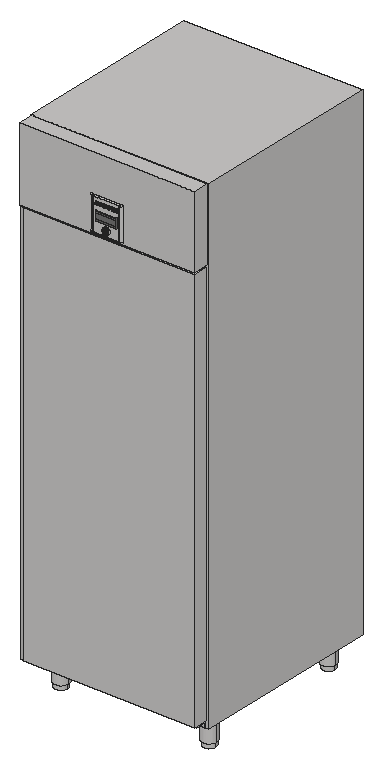
Revit family "QF_ALPENINOX_729638_ARX71FRR", category Specialty Equipment, Revit 2018
Family settings
  Round Connector Dimension = Use Diameter
  Part Type = Normal
  Work Plane-Based = No
  Always vertical = Yes
  Cut with Voids When Loaded = No
  Shared = No
  Room Calculation Point = No
Parameters (values of type "Standard")
  Weight = 100.00 kg
  Watts = 11.6129 W
  Volts = 220 V
  URL Manufacturer = "http://www.alpeninox.com"
  URL = "http://www.alpeninox.com"
  Steam Supply Size = 0 mm
  Steam Supply Minimum Pressure = 0.0 Pa
  Steam Supply Maximum Pressure = 0.0 Pa
  Steam Pounds per Hour = 0
  Refrigeration Suction Line Size = 0.031 mm
  Refrigeration Liquid Line Size = 0.02 mm
  Refrigerant Compressor Remote = yes
  Manufacturer = "Alpeninox"
  Phase = 1
  Model = "ARX71FRR"
  Length Actual = 710 mm  # constant formula
  Item Number = "729638"
  Hot Water Size = 0 mm
  Height Actual = 2050 mm  # constant formula
  HP = "0.2 HP"
  Gas Size = 0 mm
  Gas KW = 0
  Gas Input Pressure = 0 W
  Description = "1-DOOR REFRIGERATOR 670L -2+10°C, DIGITAL, A304 - REMOTE"
  Depth Actual = 835 mm  # constant formula
  Cycle = 50 Hz
  Condensate Return Size = 0 mm
  Compressed Air Volume = 0.0 L/s
  Compressed Air Size = 0 mm
  Compressed Air Pressure = 0.0 Pa
  Cold Water Size = 0 mm
  Accessory = yes
Reference planes
  plane 1 "Center (Front/Back)": y = 0
  plane 2: z = 0
  plane 3 "Center (Left/Right)": x = 0
  plane 4 "BASE": z = 110
  plane 5 "TOP": z = 2050
  plane 6 "FRONT": y = -417.5
  plane 7 "BACK": y = 417.5
  plane 8 "LEFT": x = -355
  plane 9 "RIGHT": x = 355
Forms (mm)
  Extrusion 1, solid, material "QF_Finishes_Stainless Steel"
    sketch origin (0, 0, 0) x (1, 0, 0) y (0, 1, 0)
      loop
        circle (-278, 344.5) r 25
      loop
        circle (278, 344.5) r 25
      loop
        circle (-295, -269.5) r 25
      loop
        circle (295, -269.5) r 25
    from 0 to 20
  Extrusion 2, solid, material "QF_Finishes_Stainless Steel"
    sketch origin (0, 0, 0) x (1, 0, 0) y (0, 1, 0)
      loop
        circle (-278, 344.5) r 30
      loop
        circle (278, 344.5) r 30
      loop
        circle (295, -269.5) r 30
      loop
        circle (-295, -269.5) r 30
    from 20 to 110
  Extrusion 3, solid, material "QF_Finishes_Stainless Steel"
    sketch origin (0, 0, 110) x (-1, 0, 0) y (0, -1, 0)
      loop
        line (355, -417.5) -> (355, 345.5) -> (-355, 345.5) -> (-355, -417.5) -> (355, -417.5)
    from 0 to 1940
  Extrusion 4, solid
    sketch origin (0, 417.5, 1660) x (-1, 0, 0) y (0, 0, 1)
      loop
        circle (339, 124) r 10
    from 0 to 3.2
  Extrusion 5, solid, material "QF_Door-Drawer Clearances", detail levels coarse
    sketch origin (0, 0, 110) x (-1, 0, 0) y (0, -1, 0)
      loop
        line (-347, 409.5) -> (-283, 409.5) -> (-283, 1006.5) -> (-301, 1006.5) -> (-301, 1024.5) -> (-323, 1024.5) -> (-323, 1062.5) -> (-347, 1062.5) -> (-347, 409.5)
    from 1642.965 to 28
  Extrusion 6, solid, material "QF_Door-Drawer Clearances", detail levels coarse
    sketch origin (0, 0, 110) x (-1, 0, 0) y (0, -1, 0)
      loop
        line (-283, 409.5) -> (347, 409.5)
        arc (347, 409.5) -> (150.684, 878.295) -> (-323, 1062.5) r 650
        line (-323, 1062.5) -> (-323, 1024.5) -> (-301, 1024.5) -> (-301, 1006.5) -> (-283, 1006.5) -> (-283, 409.5)
    from 1642.965 to 28
  Extrusion 7, solid, material "QF_Clearances", detail levels coarse
    sketch origin (0, 0, 110) x (-1, 0, 0) y (0, -1, 0)
      loop
        line (355, 417.5) -> (355, -417.5) -> (-355, -417.5) -> (-355, 417.5) -> (-375, 417.5) -> (-375, -447.5) -> (375, -447.5) -> (375, 417.5) -> (355, 417.5)
    from -110 to 1940
  Extrusion 8, solid, material "QF_Clearances", detail levels coarse
    sketch origin (0, 0, 2050) x (-1, 0, 0) y (0, -1, 0)
      loop
        line (375, -447.5) -> (375, 417.5) -> (-375, 417.5) -> (-375, -447.5) -> (375, -447.5)
    from 0 to 500
  Extrusion 9, void
    sketch origin (0, 417.5, 0) x (-1, 0, 0) y (0, 0, 1)
      loop
        line (289.366, 1724.965) -> (-280, 1724.965) -> (-280, 180) -> (0, 170) -> (289.366, 180) -> (289.366, 1724.965)
    from -56 to -763
  Extrusion 10, solid, material "QF_Finishes_Stainless Steel"
    sketch origin (0, 0, 110) x (-1, 0, 0) y (0, -1, 0)
      loop
        circle (0, 254.5) r 7.938
    from 0 to -10
  Extrusion 11, solid, material "QF_Finishes_Stainless Steel"
    sketch origin (0, 0, 2050) x (-1, 0, 0) y (0, -1, 0)
      loop
        circle (245, 89.5) r 4.75
    from -33.544 to -89.131
  Extrusion 12, solid, material "QF_Finishes_Stainless Steel"
    sketch origin (539, -376, 0) x (0, -1, 0) y (0, 0, 1)
      loop
        circle (-187.5, 1960.869) r 3
    from 745 to 686.028
Cuts and joins
  joined: Extrusion 7, Extrusion 8
  Extrusion 9 cuts Extrusion 3
Lines and regions (mm)
  symbolic lines, style "SpecialityEquipmentHiddenLines"
    curve 1: line (347, -409.5, 110) -> (347, -1062.5, 110)
    curve 2: line (347, -1062.5, 110) -> (323, -1062.5, 110)
    curve 3: line (283, -409.5, 110) -> (283, -1006.5, 110)
    curve 4: line (323, -1062.5, 110) -> (323, -1024.5, 110)
    curve 5: line (323, -1024.5, 110) -> (301, -1024.5, 110)
    curve 6: line (301, -1024.5, 110) -> (301, -1006.5, 110)
    curve 7: line (301, -1006.5, 110) -> (283, -1006.5, 110)
    curve 8: arc (-347, -409.5, 110) -> (-150.684, -878.295, 110) -> (323, -1062.5, 110) r 650
  symbolic lines, style "QF_Clearances", detail levels coarse
    curve 9: line (-206, -417.5, 2050) -> (-375, -417.5, 2050)
    curve 10: line (-375, -417.5, 2050) -> (-375, 447.5, 2050)
    curve 11: line (-375, 447.5, 2050) -> (375, 447.5, 2050)
    curve 12: line (375, 447.5, 2050) -> (375, -417.5, 2050)
    curve 13: line (375, -417.5, 2050) -> (355, -417.5, 2050)
Dimensions and locks
  equal spacing: plane 7 "BACK", plane 1 "Center (Front/Back)", plane 6 "FRONT"
  equal spacing: plane 8 "LEFT", plane 3 "Center (Left/Right)", plane 9 "RIGHT"
  plane 8 "LEFT" to plane 9 "RIGHT" = 710 mm
  plane 7 "BACK" to plane 6 "FRONT" = 835 mm
  plane 5 "TOP" to plane 2 = 2050 mm
  aligned and locked: level to plane 2
Automatic sketch dimensions
  Extrusion 3 sketch curve to plane 7 "BACK" = 0 mm
  Extrusion 3 sketch curve to plane 9 "RIGHT" = 0 mm
  Extrusion 3 sketch curve to plane 8 "LEFT" = 0 mm
  plane 8 "LEFT" to Extrusion 4 sketch curve = 16 mm
  plane 4 "BASE" to Extrusion 4 sketch curve = 1674 mm
  plane 9 "RIGHT" to curve 1 = 8 mm
  curve 1 to curve 2 = 24 mm
  plane 6 "FRONT" to curve 8 = 4.692 mm
  curve 7 to plane 6 "FRONT" = 589 mm
  curve 6 to curve 5 = 18 mm
  curve 4 to curve 2 = 38 mm
  plane 6 "FRONT" to curve 8 = 8 mm
  plane 6 "FRONT" to curve 1 = 8 mm
  plane 6 "FRONT" to curve 3 = 8 mm
  plane 9 "RIGHT" to Extrusion 5 sketch curve = 8 mm
  Extrusion 5 sketch curve to plane 6 "FRONT" = 589 mm
  Extrusion 5 sketch curve to Extrusion 5 sketch curve = 18 mm
  Extrusion 5 sketch curve to Extrusion 5 sketch curve = 38 mm
  plane 6 "FRONT" to Extrusion 5 sketch curve = 8 mm
  plane 6 "FRONT" to Extrusion 6 sketch curve = 4.692 mm
  Extrusion 6 sketch curve to Extrusion 6 sketch curve = 18 mm  (x2)
  Extrusion 6 sketch curve to Extrusion 6 sketch curve = 38 mm
  plane 8 "LEFT" to Extrusion 6 sketch curve = 8 mm
  plane 6 "FRONT" to Extrusion 6 sketch curve = 8 mm
  Extrusion 7 sketch curve to plane 6 "FRONT" = 0 mm  (x2)
  Extrusion 7 sketch curve to plane 7 "BACK" = 0 mm
  Extrusion 7 sketch curve to plane 9 "RIGHT" = 0 mm
  Extrusion 7 sketch curve to plane 8 "LEFT" = 0 mm
  Extrusion 7 sketch curve to plane 9 "RIGHT" = 20 mm
  Extrusion 7 sketch curve to plane 8 "LEFT" = 20 mm
  plane 7 "BACK" to Extrusion 7 sketch curve = 30 mm
  Extrusion 8 sketch curve to plane 6 "FRONT" = 0 mm
  Extrusion 8 sketch curve to plane 9 "RIGHT" = 20 mm
  Extrusion 8 sketch curve to plane 8 "LEFT" = 20 mm
  plane 7 "BACK" to Extrusion 8 sketch curve = 30 mm
  plane 8 "LEFT" to Extrusion 1 sketch curve = 60 mm
  plane 8 "LEFT" to Extrusion 1 sketch curve = 77 mm
  plane 9 "RIGHT" to Extrusion 1 sketch curve = 77 mm
  plane 9 "RIGHT" to Extrusion 1 sketch curve = 60 mm
  plane 6 "FRONT" to Extrusion 1 sketch curve = 148 mm  (x2)
  Extrusion 1 sketch curve to plane 7 "BACK" = 73 mm  (x2)
  plane 8 "LEFT" to Extrusion 2 sketch curve = 60 mm
  plane 8 "LEFT" to Extrusion 2 sketch curve = 77 mm
  plane 9 "RIGHT" to Extrusion 2 sketch curve = 77 mm
  plane 9 "RIGHT" to Extrusion 2 sketch curve = 60 mm
  plane 6 "FRONT" to Extrusion 2 sketch curve = 148 mm  (x2)
  Extrusion 2 sketch curve to plane 7 "BACK" = 73 mm  (x2)
  plane 6 "FRONT" to Extrusion 3 sketch curve = 72 mm
  curve 1 to curve 8 = 44.008 mm
  curve 4 to curve 5 = 22 mm
  curve 6 to curve 3 = 18 mm
  plane 9 "RIGHT" to Extrusion 5 sketch curve = 32 mm
  Extrusion 5 sketch curve to Extrusion 5 sketch curve = 22 mm
  Extrusion 5 sketch curve to Extrusion 5 sketch curve = 64 mm
  plane 9 "RIGHT" to Extrusion 6 sketch curve = 72 mm
  Extrusion 6 sketch curve to Extrusion 6 sketch curve = 19.992 mm
  Extrusion 6 sketch curve to Extrusion 6 sketch curve = 22 mm
  Extrusion 9 sketch curve to plane 3 "Center (Left/Right)" = 0 mm
  plane 8 "LEFT" to Extrusion 9 sketch curve = 65.634 mm
  plane 4 "BASE" to Extrusion 9 sketch curve = 60 mm
  Extrusion 9 sketch curve to plane 5 "TOP" = 325.035 mm
  plane 9 "RIGHT" to Extrusion 9 sketch curve = 75 mm
  plane 4 "BASE" to Extrusion 9 sketch curve = 70 mm  (x2)
  Extrusion 10 sketch curve to plane 3 "Center (Left/Right)" = 0 mm
  plane 6 "FRONT" to Extrusion 10 sketch curve = 163 mm
  plane 8 "LEFT" to Extrusion 11 sketch curve = 110 mm
  plane 1 "Center (Front/Back)" to Extrusion 11 sketch curve = 89.5 mm
  Extrusion 12 sketch curve to plane 5 "TOP" = 89.131 mm
  plane 1 "Center (Front/Back)" to Extrusion 12 sketch curve = 188.5 mm
  curve 12 to plane 6 "FRONT" = 0 mm
  curve 13 to plane 9 "RIGHT" = 0 mm
  curve 9 to plane 6 "FRONT" = 0 mm
  plane 8 "LEFT" to curve 9 = 149 mm
  curve 12 to plane 9 "RIGHT" = 20 mm
  curve 9 to curve 10 = 169 mm
  plane 7 "BACK" to curve 10 = 30 mm
  radius of Extrusion 1 sketch curve = 25 mm  (x4)
  radius of Extrusion 2 sketch curve = 30 mm  (x4)
  radius of Extrusion 4 sketch curve = 10 mm
  radius of Extrusion 10 sketch curve = 7.938 mm
  radius of Extrusion 11 sketch curve = 4.75 mm
  radius of Extrusion 12 sketch curve = 3 mm
Nested families
  nested 1: "QF_729043_Door" at (0, -345.5, 968.365) x (1, 0, 0) z (0, -1, 0), type "QF_729043_Door"
    with Show Clearance yes
  nested 2: "Refrigerator" at (355, -417.5, 2050), type "Refrigerator"
Connectors
  electrical at (-339, 420.7, 1784), driven by "Volts"
    settings: on Extrusion 4, index 2, voltage 220 V, apparent load 0 VA, apparent load phase1 0 VA, apparent load phase2 0 VA, apparent load phase3 0 VA, power factor 1, load classification "Other", number of poles 1, system type 30, power factor state 1, is connector primary yes, connector utility no, sub classification motor no, connector description "Electrical Connection"
  piping at (0, -254.5, 100), diameter 15.875
    settings: on Extrusion 10, index 3, connector inside diameter 609.6 mm, connector length 0 mm, flow factor 0, pipe flow 0.0 L/s, pressure drop 0.0 Pa, fitting loss kfactor 0, connector angle 0.00°, fixture units 0, engagement length 0 mm, angle of deflection 0.00°, flow configuration 1, flow direction 2, fitting loss method 0, system type 16, joint type 0, gender type 0, connector reference index -1, connector utility 0, adjustable connector no, is connector primary yes, connector description "Drain"
  piping at (-245, -89.5, 2016.456), diameter 9.5
    settings: on Extrusion 11, index 4, connector inside diameter 609.6 mm, connector length 0 mm, flow factor 0, pipe flow 0.0 L/s, pressure drop 0.0 Pa, fitting loss kfactor 0, connector angle 0.00°, fixture units 0, engagement length 0 mm, angle of deflection 0.00°, flow configuration 1, flow direction 2, fitting loss method 0, system type 8, joint type 0, gender type 0, connector reference index -1, connector utility 0, adjustable connector no, is connector primary no, connector description "Refrigerant Outlet"
  piping at (-206, -188.5, 1960.869), diameter 6
    settings: on Extrusion 12, index 5, connector inside diameter 609.6 mm, connector length 0 mm, flow factor 0, pipe flow 0.0 L/s, pressure drop 0.0 Pa, fitting loss kfactor 0, connector angle 0.00°, fixture units 0, engagement length 0 mm, angle of deflection 0.00°, flow configuration 1, flow direction 1, fitting loss method 0, system type 7, joint type 0, gender type 0, connector reference index -1, connector utility 0, adjustable connector no, is connector primary no, connector description "Refrigerant Inlet"
Definition of nested family "QF_729043_Door"
  Parameters
    Show Clearance [instance] = yes
    Model = "729043"
    Default Elevation = 0 mm
  Reference planes
    plane 1 "Center (Front/Back)": y = 0
    plane 2: z = 0
    plane 3 "Center (Left/Right)": x = 0
  Forms (mm)
    Extrusion 1, solid
      sketch origin (0, -919.2, 0) x (1, 0, 0) y (0, 1, 0)
        loop
          line (-460, 2119.2) -> (-460, -162.846) -> (488.967, -162.846) -> (488.967, 2119.2) -> (-460, 2119.2)
      from 0 to -59.546
    Extrusion 2, solid
      sketch origin (0, 0, 0) x (1, 0, 0) y (0, 0, 1)
        loop
          line (-347, 64) -> (-347, 0) -> (347, 0) -> (347, 64) -> (-347, 64)
      from -1081.6 to -791.6
    Extrusion 3, solid
      sketch origin (0, 0, 0) x (1, 0, 0) y (0, 0, 1)
        loop
          line (-347, 60) -> (-347, 26) -> (-325, 26) -> (-325, 8) -> (-307, 8) -> (-307, 0) -> (339, 0) -> (339, 8) -> (347, 8) -> (347, 64) -> (-332, 64) -> (-347, 60)
      from -784.6 to 830.4
    Extrusion 4, solid
      sketch origin (119, -516.365, 0) x (0, 1, 0) y (0, 0, 1)
        loop
          line (-323.003, 40.312) -> (-316.501, 40.312) -> (-316.501, 42.812) -> (-325.503, 42.812) -> (-325.503, 2.5) -> (-342, 2.5) -> (-342, 0) -> (-323.003, 0) -> (-323.003, 12.259) -> (-323.003, 40.312)
        loop
          line (-314, 38.311) -> (-316.501, 38.311) -> (-316.501, 14.304) -> (-319.752, 14.304) -> (-319.752, 11.804) -> (-314, 11.804) -> (-314, 38.311)
      from 185 to 220
    Extrusion 5, solid
      sketch origin (119, 469.597, 0) x (0, 1, 0) y (0, 0, 1)
        loop
          line (315.003, 27.948) -> (315.003, 2.948) -> (315.003, 0) -> (322.003, 0) -> (322.003, 2.5) -> (317.503, 2.5) -> (317.503, 27.948) -> (315.003, 27.948)
      from 185 to 220
  Lines and regions (mm)
    symbolic lines
      curve 1: line (-347, 0, 64) -> (347, 0, 64)
      curve 2: line (-347, 0, 0) -> (-347, 0, 64)
      curve 3: line (347, 0, 0) -> (-347, 0, 0)
      curve 4: line (347, 0, 64) -> (347, 0, 0)
      curve 5: line (-347, 0, 26) -> (-325, 0, 26)
      curve 6: line (-325, 0, 26) -> (-325, 0, 8)
      curve 7: line (-325, 0, 8) -> (-307, 0, 8)
      curve 8: line (-307, 0, 8) -> (-307, 0, 0)
      curve 9: line (339, 0, 8) -> (347, 0, 8)
      curve 10: line (339, 0, 8) -> (339, 0, 0)
  Dimensions and locks
    aligned and locked: plane 2 to Extrusion 1
    aligned and locked: level to Extrusion 1
  Nested families
    nested 1: "QF_DisplayStandardCabinets" at (0, 863.6, 64), type "QF_DisplayStandardCabinets"
      with Show Clearance yes
  Definition of nested family "QF_DisplayStandardCabinets"
    Parameters
      Show Clearance [instance] = yes
      Model = ""
      Default Elevation = 0 mm
    Reference planes
      plane 1 "Center (Front/Back)": y = 0
      plane 2: z = 0
      plane 3 "Center (Left/Right)": x = 0
    Forms (mm)
      Extrusion 1, solid
        sketch origin (0, -919.2, 0) x (1, 0, 0) y (0, 1, 0)
          loop
            line (-198.75, 1146.2) -> (-198.75, 709.567) -> (165.741, 709.567) -> (165.741, 1146.2) -> (-198.75, 1146.2)
        from 0 to -59.546
      Extrusion 2, solid
        sketch origin (-59, -44.611, 0) x (0, 1, 0) y (-1, 0, 0)
          loop
            circle (0.611, -59) r 14
        from 5 to 7
      Extrusion 3, solid
        sketch origin (744.635, 320.889, 0) x (0, 1, 0) y (-1, 0, 0)
          loop
            circle (-364.889, 744.635) r 10
          loop
            circle (-364.889, 744.635) r 9
        from 5 to 8
      Extrusion 4, solid
        sketch origin (744.635, 320.889, 0) x (0, 1, 0) y (-1, 0, 0)
          loop
            circle (-364.889, 744.635) r 8.7
        from 5 to 8
      Extrusion 5, void
        sketch origin (744.635, 320.889, 0) x (0, 1, 0) y (-1, 0, 0)
          loop
            line (-372.339, 745.885) -> (-372.339, 743.385) -> (-362.339, 743.385) -> (-362.339, 745.885) -> (-372.339, 745.885)
        from 8.592 to 6.269
      Extrusion 6, solid
        sketch origin (365.5, -639.265, 0) x (1, 0, 0) y (0, 1, 0)
          loop
            line (-406.708, 687.579) -> (-410.067, 678.56)
            arc (-410.067, 678.56) -> (-409.36, 676.922) -> (-407.754, 677.698) r 1.236
            line (-407.754, 677.698) -> (-407.242, 679.273) -> (-402.595, 679.273) -> (-402.091, 677.715)
            arc (-402.091, 677.715) -> (-400.528, 676.963) -> (-399.851, 678.56) r 1.198
            line (-399.851, 678.56) -> (-403.129, 687.579)
            arc (-403.129, 687.579) -> (-404.919, 688.953) -> (-406.708, 687.579) r 1.853
          loop
            line (-404.916, 686.416) -> (-406.523, 681.56) -> (-403.345, 681.56) -> (-404.916, 686.416)
          loop
            arc (-398.643, 678.312) -> (-398.245, 677.351) -> (-397.284, 676.953) r 1.359
            line (-397.284, 676.953) -> (-393.161, 676.953)
            arc (-393.161, 676.953) -> (-392.018, 678.096) -> (-393.161, 679.239) r 1.143
            line (-393.161, 679.239) -> (-396.136, 679.239) -> (-396.136, 687.561)
            arc (-396.136, 687.561) -> (-397.39, 688.814) -> (-398.643, 687.561) r 1.253
            line (-398.643, 687.561) -> (-398.643, 678.312)
          loop
            line (-390.884, 687.462) -> (-390.884, 678.147)
            arc (-390.884, 678.147) -> (-389.631, 676.894) -> (-388.378, 678.147) r 1.253
            line (-388.378, 678.147) -> (-388.378, 680.865) -> (-386.522, 680.865)
            arc (-386.522, 680.865) -> (-383.621, 681.743) -> (-382.37, 684.503) r 3.67
            arc (-382.37, 684.503) -> (-383.616, 687.51) -> (-386.622, 688.755) r 4.252
            line (-386.622, 688.755) -> (-389.59, 688.755)
            arc (-389.59, 688.755) -> (-390.505, 688.376) -> (-390.884, 687.462) r 1.293
          loop
            line (-388.378, 683.051) -> (-386.668, 683.051)
            arc (-386.668, 683.051) -> (-384.911, 684.809) -> (-386.668, 686.566) r 1.757
            line (-386.668, 686.566) -> (-388.378, 686.566) -> (-388.378, 683.051)
          loop
            arc (-372.997, 683.967) -> (-373.735, 685.647) -> (-375.32, 686.572) r 2.967
            arc (-375.32, 686.572) -> (-377.645, 686.062) -> (-378.776, 683.967) r 2.856
            line (-378.776, 683.967) -> (-372.997, 683.967)
          loop
            line (-378.711, 681.639) -> (-372.422, 681.639)
            arc (-372.422, 681.639) -> (-371.296, 681.795) -> (-370.405, 682.5) r 2.158
            arc (-370.405, 682.5) -> (-370.274, 683.259) -> (-370.325, 684.028) r 3.268
            arc (-370.325, 684.028) -> (-372.26, 687.411) -> (-375.88, 688.856) r 5.916
            arc (-375.88, 688.856) -> (-379.952, 687.001) -> (-381.519, 682.809) r 5.846
            arc (-381.519, 682.809) -> (-380.273, 678.983) -> (-376.79, 676.969) r 5.622
            arc (-376.79, 676.969) -> (-374.56, 676.949) -> (-372.422, 677.583) r 7.518
            arc (-372.422, 677.583) -> (-371.453, 678.077) -> (-370.711, 678.873) r 3.135
            arc (-370.711, 678.873) -> (-370.511, 679.705) -> (-370.879, 680.478) r 1.282
            arc (-370.879, 680.478) -> (-371.364, 680.757) -> (-371.924, 680.758) r 1.082
            arc (-371.924, 680.758) -> (-372.298, 680.603) -> (-372.619, 680.356) r 1.55
            arc (-372.619, 680.356) -> (-373.431, 679.807) -> (-374.312, 679.379) r 6.834
            arc (-374.312, 679.379) -> (-377.036, 679.488) -> (-378.711, 681.639) r 3.237
          loop
            line (-368.938, 687.561) -> (-368.938, 678.147)
            arc (-368.938, 678.147) -> (-367.683, 676.892) -> (-366.428, 678.147) r 1.255
            line (-366.428, 678.147) -> (-366.428, 684.375) -> (-361.094, 677.401)
            arc (-361.094, 677.401) -> (-359.669, 676.934) -> (-358.786, 678.147) r 1.275
            line (-358.786, 678.147) -> (-358.786, 687.561)
            arc (-358.786, 687.561) -> (-360.041, 688.815) -> (-361.295, 687.561) r 1.254
            line (-361.295, 687.561) -> (-361.295, 681.251) -> (-366.628, 688.306)
            arc (-366.628, 688.306) -> (-368.054, 688.774) -> (-368.938, 687.561) r 1.275
          loop
            arc (-357.218, 678.147) -> (-355.965, 676.893) -> (-354.711, 678.147) r 1.254
            line (-354.711, 678.147) -> (-354.711, 687.561)
            arc (-354.711, 687.561) -> (-355.965, 688.815) -> (-357.218, 687.561) r 1.254
            line (-357.218, 687.561) -> (-357.218, 678.147)
          loop
            line (-353.142, 687.561) -> (-353.142, 678.147)
            arc (-353.142, 678.147) -> (-351.887, 676.892) -> (-350.632, 678.147) r 1.255
            line (-350.632, 678.147) -> (-350.632, 684.375) -> (-345.298, 677.401)
            arc (-345.298, 677.401) -> (-343.873, 676.934) -> (-342.99, 678.147) r 1.275
            line (-342.99, 678.147) -> (-342.99, 687.561)
            arc (-342.99, 687.561) -> (-344.245, 688.815) -> (-345.499, 687.561) r 1.254
            line (-345.499, 687.561) -> (-345.499, 681.251) -> (-350.832, 688.306)
            arc (-350.832, 688.306) -> (-352.258, 688.774) -> (-353.142, 687.561) r 1.275
          loop
            arc (-341.671, 682.854) -> (-341.019, 679.961) -> (-339.083, 677.715) r 6.12
            arc (-339.083, 677.715) -> (-337.577, 676.985) -> (-335.919, 676.754) r 5.355
            arc (-335.919, 676.754) -> (-334.262, 676.985) -> (-332.756, 677.715) r 5.355
            arc (-332.756, 677.715) -> (-330.82, 679.961) -> (-330.168, 682.854) r 6.12
            arc (-330.168, 682.854) -> (-330.82, 685.746) -> (-332.756, 687.992) r 6.12
            arc (-332.756, 687.992) -> (-334.262, 688.723) -> (-335.919, 688.953) r 5.355
            arc (-335.919, 688.953) -> (-337.577, 688.723) -> (-339.083, 687.992) r 5.355
            arc (-339.083, 687.992) -> (-341.019, 685.746) -> (-341.671, 682.854) r 6.12
          loop
            arc (-339.045, 682.854) -> (-338.787, 681.162) -> (-337.837, 679.739) r 3.945
            arc (-337.837, 679.739) -> (-336.943, 679.217) -> (-335.919, 679.066) r 2.729
            arc (-335.919, 679.066) -> (-334.895, 679.217) -> (-334.001, 679.739) r 2.729
            arc (-334.001, 679.739) -> (-333.051, 681.162) -> (-332.793, 682.854) r 3.945
            arc (-332.793, 682.854) -> (-333.051, 684.545) -> (-334.001, 685.969) r 3.945
            arc (-334.001, 685.969) -> (-334.895, 686.49) -> (-335.919, 686.641) r 2.729
            arc (-335.919, 686.641) -> (-336.943, 686.49) -> (-337.837, 685.969) r 2.729
            arc (-337.837, 685.969) -> (-338.787, 684.545) -> (-339.045, 682.854) r 3.945
          loop
            line (-329.53, 686.914) -> (-326.821, 683.266) -> (-330.133, 678.86)
            arc (-330.133, 678.86) -> (-329.866, 677.098) -> (-328.109, 677.401) r 1.248
            line (-328.109, 677.401) -> (-325.368, 681.18) -> (-322.626, 677.401)
            arc (-322.626, 677.401) -> (-320.87, 677.098) -> (-320.602, 678.86) r 1.248
            line (-320.602, 678.86) -> (-323.915, 683.266) -> (-321.205, 686.914)
            arc (-321.205, 686.914) -> (-321.536, 688.702) -> (-323.295, 688.241) r 1.241
            line (-323.295, 688.241) -> (-325.368, 685.324) -> (-327.441, 688.241)
            arc (-327.441, 688.241) -> (-329.199, 688.702) -> (-329.53, 686.914) r 1.241
        from 2.5 to 4.32
      Extrusion 7, void
        sketch origin (365.5, -639.265, 0) x (1, 0, 0) y (0, 1, 0)
          loop
            line (-406.708, 687.579) -> (-410.067, 678.56)
            arc (-410.067, 678.56) -> (-409.36, 676.922) -> (-407.754, 677.698) r 1.236
            line (-407.754, 677.698) -> (-407.242, 679.273) -> (-402.595, 679.273) -> (-402.091, 677.715)
            arc (-402.091, 677.715) -> (-400.528, 676.963) -> (-399.851, 678.56) r 1.198
            line (-399.851, 678.56) -> (-403.129, 687.579)
            arc (-403.129, 687.579) -> (-404.919, 688.953) -> (-406.708, 687.579) r 1.853
          loop
            line (-404.916, 686.416) -> (-406.523, 681.56) -> (-403.345, 681.56) -> (-404.916, 686.416)
          loop
            arc (-398.643, 678.312) -> (-398.245, 677.351) -> (-397.284, 676.953) r 1.359
            line (-397.284, 676.953) -> (-393.161, 676.953)
            arc (-393.161, 676.953) -> (-392.018, 678.096) -> (-393.161, 679.239) r 1.143
            line (-393.161, 679.239) -> (-396.136, 679.239) -> (-396.136, 687.561)
            arc (-396.136, 687.561) -> (-397.39, 688.814) -> (-398.643, 687.561) r 1.253
            line (-398.643, 687.561) -> (-398.643, 678.312)
          loop
            line (-390.884, 687.462) -> (-390.884, 678.147)
            arc (-390.884, 678.147) -> (-389.631, 676.894) -> (-388.378, 678.147) r 1.253
            line (-388.378, 678.147) -> (-388.378, 680.865) -> (-386.522, 680.865)
            arc (-386.522, 680.865) -> (-383.621, 681.743) -> (-382.37, 684.503) r 3.67
            arc (-382.37, 684.503) -> (-383.616, 687.51) -> (-386.622, 688.755) r 4.252
            line (-386.622, 688.755) -> (-389.59, 688.755)
            arc (-389.59, 688.755) -> (-390.505, 688.376) -> (-390.884, 687.462) r 1.293
          loop
            line (-388.378, 683.051) -> (-386.668, 683.051)
            arc (-386.668, 683.051) -> (-384.911, 684.809) -> (-386.668, 686.566) r 1.757
            line (-386.668, 686.566) -> (-388.378, 686.566) -> (-388.378, 683.051)
          loop
            arc (-372.997, 683.967) -> (-373.735, 685.647) -> (-375.32, 686.572) r 2.967
            arc (-375.32, 686.572) -> (-377.645, 686.062) -> (-378.776, 683.967) r 2.856
            line (-378.776, 683.967) -> (-372.997, 683.967)
          loop
            line (-378.711, 681.639) -> (-372.422, 681.639)
            arc (-372.422, 681.639) -> (-371.296, 681.795) -> (-370.405, 682.5) r 2.158
            arc (-370.405, 682.5) -> (-370.274, 683.259) -> (-370.325, 684.028) r 3.268
            arc (-370.325, 684.028) -> (-372.26, 687.411) -> (-375.88, 688.856) r 5.916
            arc (-375.88, 688.856) -> (-379.952, 687.001) -> (-381.519, 682.809) r 5.846
            arc (-381.519, 682.809) -> (-380.273, 678.983) -> (-376.79, 676.969) r 5.622
            arc (-376.79, 676.969) -> (-374.56, 676.949) -> (-372.422, 677.583) r 7.518
            arc (-372.422, 677.583) -> (-371.453, 678.077) -> (-370.711, 678.873) r 3.135
            arc (-370.711, 678.873) -> (-370.511, 679.705) -> (-370.879, 680.478) r 1.282
            arc (-370.879, 680.478) -> (-371.364, 680.757) -> (-371.924, 680.758) r 1.082
            arc (-371.924, 680.758) -> (-372.298, 680.603) -> (-372.619, 680.356) r 1.55
            arc (-372.619, 680.356) -> (-373.431, 679.807) -> (-374.312, 679.379) r 6.834
            arc (-374.312, 679.379) -> (-377.036, 679.488) -> (-378.711, 681.639) r 3.237
          loop
            line (-368.938, 687.561) -> (-368.938, 678.147)
            arc (-368.938, 678.147) -> (-367.105, 676.314) -> (-365.272, 678.147) r 1.833
            line (-365.272, 678.147) -> (-365.272, 682.863) -> (-361.094, 677.401)
            arc (-361.094, 677.401) -> (-359.669, 676.934) -> (-358.786, 678.147) r 1.275
            line (-358.786, 678.147) -> (-358.786, 687.561)
            arc (-358.786, 687.561) -> (-360.041, 688.815) -> (-361.295, 687.561) r 1.254
            line (-361.295, 687.561) -> (-361.295, 681.251) -> (-366.628, 688.306)
            arc (-366.628, 688.306) -> (-368.054, 688.774) -> (-368.938, 687.561) r 1.275
          loop
            arc (-357.218, 678.147) -> (-355.965, 676.893) -> (-354.711, 678.147) r 1.254
            line (-354.711, 678.147) -> (-354.711, 687.561)
            arc (-354.711, 687.561) -> (-355.965, 688.815) -> (-357.218, 687.561) r 1.254
            line (-357.218, 687.561) -> (-357.218, 678.147)
          loop
            line (-353.142, 687.561) -> (-353.142, 678.147)
            arc (-353.142, 678.147) -> (-351.887, 676.892) -> (-350.632, 678.147) r 1.255
            line (-350.632, 678.147) -> (-350.632, 684.375) -> (-345.298, 677.401)
            arc (-345.298, 677.401) -> (-343.873, 676.934) -> (-342.99, 678.147) r 1.275
            line (-342.99, 678.147) -> (-342.99, 687.561)
            arc (-342.99, 687.561) -> (-344.245, 688.815) -> (-345.499, 687.561) r 1.254
            line (-345.499, 687.561) -> (-345.499, 681.251) -> (-350.832, 688.306)
            arc (-350.832, 688.306) -> (-352.258, 688.774) -> (-353.142, 687.561) r 1.275
          loop
            arc (-341.671, 682.854) -> (-341.019, 679.961) -> (-339.083, 677.715) r 6.12
            arc (-339.083, 677.715) -> (-337.577, 676.985) -> (-335.919, 676.754) r 5.355
            arc (-335.919, 676.754) -> (-334.262, 676.985) -> (-332.756, 677.715) r 5.355
            arc (-332.756, 677.715) -> (-330.82, 679.961) -> (-330.168, 682.854) r 6.12
            arc (-330.168, 682.854) -> (-330.82, 685.746) -> (-332.756, 687.992) r 6.12
            arc (-332.756, 687.992) -> (-334.262, 688.723) -> (-335.919, 688.953) r 5.355
            arc (-335.919, 688.953) -> (-337.577, 688.723) -> (-339.083, 687.992) r 5.355
            arc (-339.083, 687.992) -> (-341.019, 685.746) -> (-341.671, 682.854) r 6.12
          loop
            arc (-339.045, 682.854) -> (-338.787, 681.162) -> (-337.837, 679.739) r 3.945
            arc (-337.837, 679.739) -> (-336.943, 679.217) -> (-335.919, 679.066) r 2.729
            arc (-335.919, 679.066) -> (-334.895, 679.217) -> (-334.001, 679.739) r 2.729
            arc (-334.001, 679.739) -> (-333.051, 681.162) -> (-332.793, 682.854) r 3.945
            arc (-332.793, 682.854) -> (-333.051, 684.545) -> (-334.001, 685.969) r 3.945
            arc (-334.001, 685.969) -> (-334.895, 686.49) -> (-335.919, 686.641) r 2.729
            arc (-335.919, 686.641) -> (-336.943, 686.49) -> (-337.837, 685.969) r 2.729
            arc (-337.837, 685.969) -> (-338.787, 684.545) -> (-339.045, 682.854) r 3.945
          loop
            line (-329.53, 686.914) -> (-326.821, 683.266) -> (-330.133, 678.86)
            arc (-330.133, 678.86) -> (-329.866, 677.098) -> (-328.109, 677.401) r 1.248
            line (-328.109, 677.401) -> (-325.368, 681.18) -> (-322.626, 677.401)
            arc (-322.626, 677.401) -> (-320.87, 677.098) -> (-320.602, 678.86) r 1.248
            line (-320.602, 678.86) -> (-323.915, 683.266) -> (-321.205, 686.914)
            arc (-321.205, 686.914) -> (-321.536, 688.702) -> (-323.295, 688.241) r 1.241
            line (-323.295, 688.241) -> (-325.368, 685.324) -> (-327.441, 688.241)
            arc (-327.441, 688.241) -> (-329.199, 688.702) -> (-329.53, 686.914) r 1.241
        from 4 to 2.2
      Blend 8, solid
        base sketch origin (365.719, -803.635, 0) x (1, 0, 0) y (0, 1, 0)
          loop
            arc (-424.229, 873.635) -> (-428.653, 871.803) -> (-430.485, 867.38) r 6.255
            line (-430.485, 867.38) -> (-430.485, 739.89)
            arc (-430.485, 739.89) -> (-428.653, 735.467) -> (-424.229, 733.635) r 6.255
            line (-424.229, 733.635) -> (-307.728, 733.635)
            arc (-307.728, 733.635) -> (-303.305, 735.467) -> (-301.473, 739.89) r 6.255
            line (-301.473, 739.89) -> (-301.473, 867.38)
            arc (-301.473, 867.38) -> (-303.305, 871.803) -> (-307.728, 873.635) r 6.255
            line (-307.728, 873.635) -> (-424.229, 873.635)
        top sketch origin (365.719, -803.635, 0) x (1, 0, 0) y (0, 1, 0)
          loop
            line (-418.756, 738.326) -> (-313.201, 738.326) -> (-313.201, 868.943) -> (-418.756, 868.943) -> (-418.756, 738.326)
        from 0 to 4
      Extrusion 9, solid
        sketch origin (744.635, 320.889, 0) x (0, 1, 0) y (-1, 0, 0)
          loop
            line (-372.339, 745.885) -> (-372.339, 743.385) -> (-362.339, 743.385) -> (-362.339, 745.885) -> (-372.339, 745.885)
        from 6 to 8
      Extrusion 10, void
        sketch origin (0, 0, 0) x (1, 0, 0) y (0, 1, 0)
          loop
            line (-53.037, 65.309) -> (-53.037, -65.309) -> (52.518, -65.309) -> (52.518, 65.309) -> (-53.037, 65.309)
        from 5 to 2
      Extrusion 11, solid
        sketch origin (0, 0, 0) x (1, 0, 0) y (0, 1, 0)
          loop
            line (-51.473, 63.745) -> (-51.473, -63.745) -> (50.954, -63.745) -> (50.954, 63.745) -> (-51.473, 63.745)
        from 2.2 to 4
      Extrusion 12, solid
        sketch origin (0, -30, 0) x (0, 1, 0) y (0, 0, 1)
          loop
            line (10.404, 4) -> (17.404, 4) -> (17.404, 8)
            arc (17.404, 8) -> (13.868, 7.749) -> (10.404, 7) r 25
            line (10.404, 7) -> (10.404, 4)
          loop
            arc (47.404, 7) -> (43.939, 7.749) -> (40.404, 8) r 25
            line (40.404, 8) -> (40.404, 4) -> (47.404, 4) -> (47.404, 7)
        from 40 to -40
      Extrusion 13, solid
        sketch origin (0, -30, 0) x (1, 0, 0) y (0, 1, 0)
          loop
            line (-40, 40.404) -> (-40, 17.404) -> (40, 17.404) -> (40, 40.404) -> (-40, 40.404)
        from 8 to 4
    Cuts and joins
      Extrusion 5 cuts Extrusion 4
      Extrusion 7 cuts Extrusion 6
      Extrusion 10 cuts Blend 8
      joined: Extrusion 12, Extrusion 13
    Lines and regions (mm)
      Split face 1
        outline origin (-41, 10.404, 8) x (-1, 0, 0) y (0, -1, 0)
          loop
            line (-72.157, 0.05) -> (-72.157, 10.5) -> (-78.157, 10.5) -> (-78.157, 0.05) -> (-72.157, 0.05)
      Split face 2
        outline origin (-50, 10.404, 8) x (-1, 0, 0) y (0, -1, 0)
          loop
            line (-72.157, 0.05) -> (-72.157, 10.5) -> (-78.157, 10.5) -> (-78.157, 0.05) -> (-72.157, 0.05)
      Split face 3
        outline origin (-50, 10.404, 8) x (-1, 0, 0) y (0, -1, 0)
          loop
            line (-72.157, 12.45) -> (-72.157, 22.9) -> (-78.157, 22.9) -> (-78.157, 12.45) -> (-72.157, 12.45)
      Split face 4
        outline origin (-50, 10.404, 8) x (-1, 0, 0) y (0, -1, 0)
          loop
            line (-81.157, 12.45) -> (-81.157, 22.9) -> (-87.157, 22.9) -> (-87.157, 12.45) -> (-81.157, 12.45)
      Split face 5
        outline origin (-50, 10.404, 8) x (-1, 0, 0) y (0, -1, 0)
          loop
            line (-13, 0.1) -> (-13, 22.9) -> (-69, 22.9) -> (-69, 0.1) -> (-13, 0.1)
      symbolic lines
        curve 1: line (52.518, 0, 4) -> (-53.037, 0, 4)
        curve 2: line (40, 0, 4) -> (40, 0, 8)
        curve 3: line (40, 0, 8) -> (-40, 0, 8)
        curve 4: line (-40, 0, 8) -> (-40, 0, 4)
        curve 5: line (-64.765, 0, 0) -> (-53.037, 0, 4)
        curve 6: line (52.518, 0, 4) -> (64.135, 0, 0)
    Dimensions and locks
      aligned and locked: plane 2 to Extrusion 1
      aligned and locked: level to Extrusion 1
Definition of nested family "Refrigerator"
  Reference planes
    plane 1 "Center (Front/Back)": y = 0
    plane 2: z = 0
    plane 3 "Center (Left/Right)": x = 0
  Lines and regions (mm)
    detail lines, in view "Ref. Level"
      curve 1: spline (-500, 190, 0) -> (-493.185, 166.706, 0) -> (-473.205, 145, 0) -> (-441.421, 126.36, 0) -> (-400, 112.058, 0) -> (-351.764, 103.067, 0) -> (-300, 100, 0) -> (-248.236, 103.067, 0) -> (-200, 112.058, 0) -> (-158.579, 126.36, 0) -> (-126.795, 145, 0) -> (-106.815, 166.706, 0) -> (-100, 190, 0) -> (-106.815, 213.294, 0) -> (-126.795, 235, 0) -> (-158.579, 253.64, 0) -> (-200, 267.942, 0) -> (-248.236, 276.933, 0) -> (-300, 280, 0) -> (-351.764, 276.933, 0) -> (-400, 267.942, 0) -> (-441.421, 253.64, 0) -> (-473.205, 235, 0) -> (-493.185, 213.294, 0) -> (-500, 190, 0)
      curve 2: line (-300, 130, 0) -> (-300, 250, 0)
      curve 3: line (-351.962, 220, 0) -> (-248.038, 160, 0)
      curve 4: line (-351.962, 160, 0) -> (-248.038, 220, 0)
      curve 5: line (-280.884, 246.873, 0) -> (-300, 225, 0)
      curve 6: line (-300, 225, 0) -> (-319.116, 246.873, 0)
      curve 7: line (-330.311, 207.5, 0) -> (-339.696, 234.992, 0)
      curve 8: line (-358.812, 201.882, 0) -> (-330.311, 207.5, 0)
      curve 9: line (-330.311, 172.5, 0) -> (-358.812, 178.118, 0)
      curve 10: line (-339.696, 145.008, 0) -> (-330.311, 172.5, 0)
      curve 11: line (-300, 155, 0) -> (-319.116, 133.127, 0)
      curve 12: line (-280.884, 133.127, 0) -> (-300, 155, 0)
      curve 13: line (-269.689, 172.5, 0) -> (-260.304, 145.008, 0)
      curve 14: line (-241.188, 178.118, 0) -> (-269.689, 172.5, 0)
      curve 15: line (-269.689, 207.5, 0) -> (-241.188, 201.882, 0)
      curve 16: line (-260.304, 234.992, 0) -> (-269.689, 207.5, 0)
